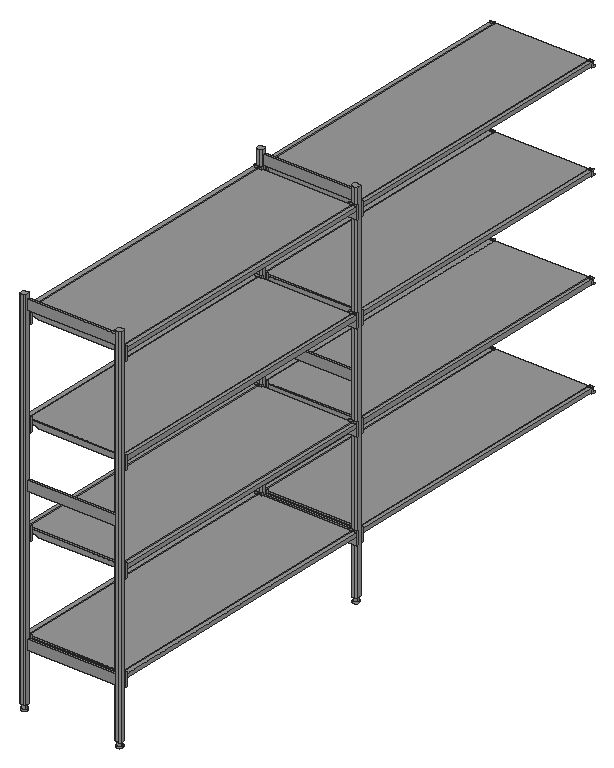
Revit family "QF_ZANUSSI_137088_CLS2728", category Attrezzature speciali, Revit 2020 (continued)
Definition of nested family "WT_Aggancio475"
  Dimensions and locks
    "Dint": plane 7 to plane 8
    equal spacing: plane 7, plane 6 "Center (Front/Back)", plane 8
    equal spacing: plane 3 "BACK", plane 6 "Center (Front/Back)", plane 4 "FRONT"
    plane 9 "FEET" to level = 25.0 mm
    plane 5 "TOP" to plane 9 "FEET" = 1700.0 mm
    plane 10 to plane 9 "FEET" = 250.0 mm
    plane 11 to plane 10 = 450.0 mm
    plane 12 to plane 11 = 450.0 mm
    plane 13 to plane 12 = 450.0 mm
    locked: plane 3 "BACK" to plane 15 "CYBack" at 17.5
    locked: plane 16 "CYFront" to plane 4 "FRONT" at 17.5
    aligned and locked: level to plane 1
    aligned and locked: Extrusion 1 sketch curve to Extrusion 1 sketch curve  (x3)
  Automatic sketch dimensions
    plane 16 "CYFront" to Extrusion 1 sketch curve = 1.478 mm  (x4)
    Extrusion 1 sketch curve to Extrusion 1 sketch curve = 2.0 mm
    plane 8 to Extrusion 1 sketch curve = 3.478 mm  (x4)
    Extrusion 1 sketch curve to plane 10 = 4.006 mm
    Extrusion 1 sketch curve to Extrusion 1 sketch curve = 34.0 mm  (x4)
    Extrusion 1 sketch curve to plane 11 = 4.006 mm
    Extrusion 1 sketch curve to plane 12 = 4.006 mm
    Extrusion 1 sketch curve to plane 13 = 4.006 mm
    Extrusion 1 sketch curve to plane 7 = 37.522 mm  (x4)
    Extrusion 1 sketch curve to plane 7 = 3.522 mm  (x4)
    plane 14 to Extrusion 1 sketch curve = 3.516 mm  (x4)
    plane 14 to Extrusion 1 sketch curve = 1.522 mm  (x4)
    plane 10 to Extrusion 1 sketch curve = 7.998 mm  (x2)
    Extrusion 1 sketch curve to Extrusion 1 sketch curve = 11.498 mm  (x4)
    Extrusion 1 sketch curve to Extrusion 1 sketch curve = 6.499 mm  (x8)
    plane 11 to Extrusion 1 sketch curve = 7.998 mm  (x2)
    plane 12 to Extrusion 1 sketch curve = 7.998 mm  (x2)
    plane 13 to Extrusion 1 sketch curve = 7.998 mm  (x2)
    plane 2 "LEFT" to Extrusion 2 sketch curve = 0.0 mm  (x4)
    plane 13 to Extrusion 2 sketch curve = 7.996 mm
    plane 11 to Extrusion 2 sketch curve = 7.996 mm
    Extrusion 2 sketch curve to Extrusion 2 sketch curve = 5.0 mm  (x4)
    plane 11 to Extrusion 2 sketch curve = 2.494 mm
    plane 10 to Extrusion 2 sketch curve = 28.996 mm
    Extrusion 2 sketch curve to Extrusion 2 sketch curve = 3.0 mm  (x4)
    plane 10 to Extrusion 2 sketch curve = 7.996 mm
    plane 10 to Extrusion 2 sketch curve = 2.494 mm
    Extrusion 2 sketch curve to Extrusion 2 sketch curve = 18.0 mm  (x3)
    plane 12 to Extrusion 2 sketch curve = 2.494 mm
    plane 12 to Extrusion 2 sketch curve = 7.996 mm
    plane 13 to Extrusion 2 sketch curve = 2.494 mm
    plane 2 "LEFT" to Extrusion 3 sketch curve = 0.0 mm  (x4)
    plane 13 to Extrusion 3 sketch curve = 7.996 mm
    plane 11 to Extrusion 3 sketch curve = 7.996 mm
    Extrusion 3 sketch curve to Extrusion 3 sketch curve = 5.0 mm  (x4)
    plane 11 to Extrusion 3 sketch curve = 2.494 mm
    plane 10 to Extrusion 3 sketch curve = 28.996 mm
    Extrusion 3 sketch curve to Extrusion 3 sketch curve = 3.0 mm  (x4)
    plane 10 to Extrusion 3 sketch curve = 7.996 mm
    plane 10 to Extrusion 3 sketch curve = 2.494 mm
    Extrusion 3 sketch curve to Extrusion 3 sketch curve = 18.0 mm  (x3)
    plane 12 to Extrusion 3 sketch curve = 2.494 mm
    plane 12 to Extrusion 3 sketch curve = 7.996 mm
    plane 13 to Extrusion 3 sketch curve = 2.494 mm
    plane 2 "LEFT" to curve 1 = 5.0 mm
    plane 2 "LEFT" to curve 7 = 5.0 mm
    curve 1 to plane 16 "CYFront" = 17.5 mm
    curve 3 to plane 8 = 12.522 mm
    plane 7 to curve 5 = 12.478 mm
    curve 7 to plane 14 = 17.5 mm
    curve 5 to curve 5 = 4.0 mm
    curve 1 to curve 4 = 4.0 mm
    Extrusion 2 sketch curve to Extrusion 2 sketch curve = 4.0 mm  (x4)
    Extrusion 2 sketch curve to Extrusion 2 sketch curve = 8.969 mm  (x4)
    Extrusion 3 sketch curve to Extrusion 3 sketch curve = 4.0 mm  (x4)
    Extrusion 3 sketch curve to Extrusion 3 sketch curve = 8.969 mm  (x4)
